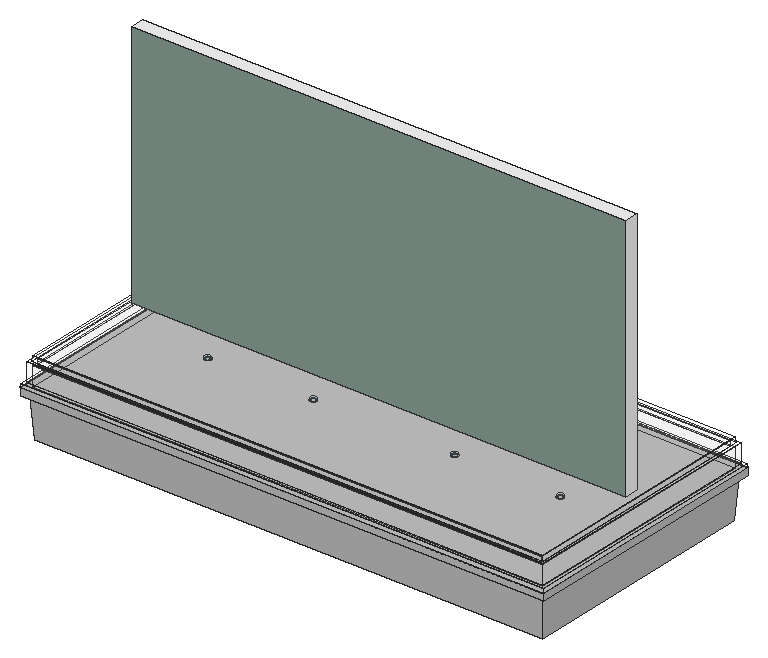
Revit family "SOLID EXIT 2 LED EMERGENCY EXIT LIGHT TWT3151WK", category Lighting Fixtures, host Face, Revit 2015
Parameters (values of type "-arrow down")
  Width = 371 mm  # constant formula
  Up = no
  Type Comments = "PBV31302E3"
  Right = no
  Product Code = "TWT3151WK"  # constant formula
  Model = "Solid Exit 2"  # constant formula
  Material = Plastic
  Manufacturer = "Teknoware Oy"  # constant formula
  Left = no
  Height = 232 mm  # constant formula
  Front Pictogram = Teknoware Pictogram PBV31302E3
  Down = yes
  Depth = 181 mm  # constant formula
  Default Elevation = 1219.2 mm
  Color = RAL9003
  Back Pictogram = Teknoware Pictogram PBV31302E3
Types (4, lengths in mm): name | Up | Type Comments | Right | Left | Front Pictogram | Down | Back Pictogram
  -arrow down | no | "PBV31302E3" | no | no | Teknoware Pictogram PBV31302E3 | yes | Teknoware Pictogram PBV31302E3
  -arrow up | yes | "PBV31305E3" | no | no | Teknoware Pictogram PBV31305E3 | no | Teknoware Pictogram PBV31305E3
  -arrow left | no | "PBV31301E2" | no | yes | Teknoware Pictogram PBV31301E2 | no | Teknoware Pictogram PBV31301E1
  -arrow right | no | "PBV31301E1" | yes | no | Teknoware Pictogram PBV31301E1 | no | Teknoware Pictogram PBV31301E2
Reference planes
  plane 1 "Center (Front/Back)": y = 0
  plane 2 "Bottom": z = 0
  plane 3 "Center (Left/Right)": x = 0
  plane 4 "Left": x = -185.5
  plane 5 "Right": x = 185.5
  plane 6 "Back": y = 90.5
  plane 7 "Front": y = -90.5
  plane 8 "Top": z = 57
  plane 9 "Center (Elevation)": z = 28.5
  plane 10: z = 36.691
  plane 11: z = 232
  plane 12: y = -160.5
Dimensions and locks
  equal spacing: plane 4 "Left", plane 3 "Center (Left/Right)", plane 5 "Right"
  equal spacing: plane 6 "Back", plane 1 "Center (Front/Back)", plane 7 "Front"
  "Width": plane 4 "Left" to plane 5 "Right"
  "Depth": plane 6 "Back" to plane 7 "Front"
  equal spacing: plane 8 "Top", plane 9 "Center (Elevation)", plane 2 "Bottom"
  locked: plane 8 "Top" to plane 2 "Bottom" at 57
  locked: plane 8 "Top" to plane 10 at 20.309
  nested 6 to nested 3 to plane 3 "Center (Left/Right)" to nested 4 to nested 5 = 75 mm locked, 50 mm locked, 50 mm locked, 75 mm locked
  "Height": plane 11 to level
  locked: plane 7 "Front" to plane 12 at 70
  aligned and locked: plane 2 "Bottom" to host face
  aligned and locked: level to host face
  aligned and locked: plane 3 "Center (Left/Right)" to nested 1
  aligned and locked: plane 1 "Center (Front/Back)" to nested 1
  aligned and locked: plane 8 "Top" to nested 1
  aligned and locked: plane 3 "Center (Left/Right)" to nested 2
  aligned and locked: plane 1 "Center (Front/Back)" to nested 2
  aligned and locked: plane 1 "Center (Front/Back)" to nested 7
  aligned and locked: plane 3 "Center (Left/Right)" to nested 7
  aligned and locked: plane 11 to nested 7
  aligned and locked: plane 12 to nested 11
  aligned and locked: nested 10 to plane 12
  aligned and locked: nested 8 to plane 12
  aligned and locked: plane 3 "Center (Left/Right)" to nested 9
  aligned and locked: nested 9 to plane 12
  aligned and locked: plane 3 "Center (Left/Right)" to nested 10
  aligned and locked: plane 3 "Center (Left/Right)" to nested 11
  aligned and locked: plane 3 "Center (Left/Right)" to nested 8
Automatic sketch dimensions
  host sketch curve to host sketch curve = 2438.4 mm  (x2)
Nested families
  nested 1: "Solid Safe kupu" at (414.5, 209.5, 0), type "Solid Safe kupu"
  nested 2: "Solid Safe runko" at (414.5, 209.5, 0), type "Solid Safe runko"
  nested 3: "LED" at (-50, 0, -1363.309), type "LED"
  nested 4: "LED" at (50, 0, -1363.309), type "LED"
  nested 5: "LED" at (125, 0, -1363.309), type "LED"
  nested 6: "LED" at (-125, 0, -1363.309), type "LED"
  nested 7: "PICTOGRAM TWT3151WK" at (491, 280, 57), type "PICTOGRAM TWT3151WK"
  nested 8: "2D nuoli alas" at (0, -160.5, 0), visible <- "Down", type "2D nuoli alas"
  nested 9: "2D nuoli ylös" at (0, -160.5, 0), visible <- "Up", type "2D nuoli ylös"
  nested 10: "2D nuoli sivulle" at (0, -160.5, 0), visible <- "Right", type "2D nuoli sivulle"
  nested 11: "2D nuoli sivulle" at (0, -160.5, 0) x (-1, 0, 0) z (0, 0, 1), visible <- "Left", type "2D nuoli sivulle"
Definition of nested family "Solid Safe kupu"
  Parameters (values of type "Solid Safe kupu")
    Width = 371 mm  # constant formula
    Depth = 181 mm  # constant formula
    Height = 57 mm  # constant formula
    Default Elevation = 1219.2 mm
    Color = none
    Body Material = none
  Reference planes
    plane 1 "Center (Front/Back)": y = -209.5
    plane 2 "Bottom": z = 0
    plane 3 "Center (Left/Right)": x = -414.5
    plane 4 "Left": x = -600
    plane 5 "Right": x = -229
    plane 6 "Front": y = -300
    plane 7 "Back": y = -119
    plane 8 "Top": z = 57
    plane 9 "Center (Elevation)": z = 28.5
  Forms (mm)
    Sweep 1, solid
      path origin (0, 0, 57) x (0, -1, 0) y (1, 0, 0)
        loop
          line (119, -600) -> (300, -600) -> (300, -229) -> (119, -229) -> (119, -600)
      profile origin (-600, -209.5, 57) x (-1, 0, 0) y (0, 0, 1)
        loop
          line (0, -20.309) -> (0, -17.275) -> (-2.466, -17.275) -> (-2.466, -3.774) -> (-4.422, -3.774) -> (-4.752, 0) -> (-7.262, 0) -> (-6.713, -6.274) -> (-4.966, -6.274) -> (-4.966, -20.309) -> (0, -20.309)
    Extrusion 2, solid
      sketch origin (0, -209.5, 57) x (1, 0, 0) y (0, 0, 1)
        loop
          line (-592.738, 0) -> (-592.957, -2.5) -> (-236.043, -2.5) -> (-236.262, 0) -> (-592.738, 0)
      from -85.534 to 85.534
  Cuts and joins
    joined: Sweep 1, Extrusion 2
  Dimensions and locks
    equal spacing: plane 4 "Left", plane 3 "Center (Left/Right)", plane 5 "Right"
    equal spacing: plane 7 "Back", plane 1 "Center (Front/Back)", plane 6 "Front"
    equal spacing: plane 8 "Top", plane 9 "Center (Elevation)", plane 2 "Bottom"
    "Height": plane 8 "Top" to plane 2 "Bottom"
    "Width": plane 4 "Left" to plane 5 "Right"
    "Depth": plane 7 "Back" to plane 6 "Front"
    aligned and locked: level to plane 2 "Bottom"
  Automatic sketch dimensions
    Sweep 1 sketch curve to plane 5 "Right" = 0 mm
    Sweep 1 sketch curve to plane 7 "Back" = 0 mm
    Sweep 1 sketch curve to plane 4 "Left" = 0 mm
    Sweep 1 sketch curve to plane 6 "Front" = 0 mm
    Sweep 1 sketch curve to profile plane = 0 mm  (x2)
    profile plane to Sweep 1 sketch curve = 2.466 mm
    Sweep 1 sketch curve to Sweep 1 sketch curve = 1.956 mm
    Sweep 1 sketch curve to Sweep 1 sketch curve = 0.33 mm
    Sweep 1 sketch curve to Sweep 1 sketch curve = 2.5 mm  (x2)
    Sweep 1 sketch curve to Sweep 1 sketch curve = 1.746 mm
    Sweep 1 sketch curve to Sweep 1 sketch curve = 2.51 mm
    Sweep 1 sketch curve to profile plane = 3.774 mm
    Sweep 1 sketch curve to Sweep 1 sketch curve = 11.001 mm
    Sweep 1 sketch curve to Sweep 1 sketch curve = 3.033 mm
    Extrusion 2 sketch curve to plane 8 "Top" = 0 mm
    Extrusion 2 sketch curve to plane 8 "Top" = 2.5 mm
    plane 4 "Left" to Extrusion 2 sketch curve = 7.043 mm
    Extrusion 2 sketch curve to Extrusion 2 sketch curve = 0.219 mm  (x2)
    Extrusion 2 sketch curve to plane 5 "Right" = 7.262 mm
Definition of nested family "Solid Safe runko"
  Parameters (values of type "Solid Safe runko")
    Width = 371 mm  # constant formula
    Depth = 181 mm  # constant formula
    Height = 57 mm  # constant formula
    Default Elevation = 1219.2 mm
    Color = none
    Body Material = none
  Reference planes
    plane 1 "Center (Front/Back)": y = -209.5
    plane 2 "Bottom": z = 0
    plane 3 "Center (Left/Right)": x = -414.5
    plane 4 "Left": x = -600
    plane 5 "Right": x = -229
    plane 6 "Front": y = -300
    plane 7 "Back": y = -119
    plane 8 "Top": z = 57
    plane 9 "Center (Elevation)": z = 28.5
  Forms (mm)
    Extrusion 1, solid, material <- "Body Material"
      sketch origin (-234.616, -209.5, 3.654) x (0, 1, 0) y (1, 0, 0)
        loop
          line (78.884, -354.767) -> (78.884, -5) -> (-78.884, -5) -> (-78.884, -354.767) -> (78.884, -354.767)
      from 0 to 3.654
    Extrusion 2, void
      sketch origin (-414.5, 0, 57) x (0, 1, 0) y (0, 0, 1)
        loop
          line (-124.872, -57) -> (-119, -57) -> (-119, -25.083) -> (-122.64, -25.083) -> (-124.872, -57)
        loop
          line (-296.36, -25.083) -> (-300, -25.083) -> (-300, -57) -> (-294.128, -57) -> (-296.36, -25.083)
      from -185.5 to 185.5
    Extrusion 3, solid, material <- "Body Material"
      sketch origin (0, -209.5, 57) x (1, 0, 0) y (0, 0, 1)
        loop
          line (-594.384, -53.346) -> (-234.616, -53.346) -> (-232.64, -25.083) -> (-229, -25.083) -> (-229, -20.309) -> (-600, -20.309) -> (-600, -25.083) -> (-596.36, -25.083) -> (-594.384, -53.346)
      from -90.5 to 90.5
  Cuts and joins
    Extrusion 2 cuts Extrusion 3
    joined: Extrusion 1, Extrusion 3
  Dimensions and locks
    equal spacing: plane 4 "Left", plane 3 "Center (Left/Right)", plane 5 "Right"
    equal spacing: plane 7 "Back", plane 1 "Center (Front/Back)", plane 6 "Front"
    equal spacing: plane 8 "Top", plane 9 "Center (Elevation)", plane 2 "Bottom"
    "Height": plane 8 "Top" to plane 2 "Bottom"
    "Width": plane 4 "Left" to plane 5 "Right"
    "Depth": plane 7 "Back" to plane 6 "Front"
    aligned and locked: level to plane 2 "Bottom"
    aligned and locked: Extrusion 1 to level
  Automatic sketch dimensions
    Extrusion 2 sketch curve to level = 0 mm  (x2)
    Extrusion 2 sketch curve to plane 6 "Front" = 0 mm
    Extrusion 2 sketch curve to plane 7 "Back" = 0 mm
    plane 6 "Front" to Extrusion 2 sketch curve = 3.64 mm
    plane 6 "Front" to Extrusion 2 sketch curve = 5.872 mm
    Extrusion 2 sketch curve to Extrusion 2 sketch curve = 5.872 mm
    Extrusion 2 sketch curve to Extrusion 2 sketch curve = 3.64 mm
    plane 9 "Center (Elevation)" to Extrusion 2 sketch curve = 3.417 mm  (x2)
    Extrusion 3 sketch curve to plane 4 "Left" = 0 mm
    Extrusion 3 sketch curve to plane 5 "Right" = 0 mm
    plane 4 "Left" to Extrusion 3 sketch curve = 3.64 mm
    plane 4 "Left" to Extrusion 3 sketch curve = 5.616 mm
    Extrusion 3 sketch curve to plane 5 "Right" = 5.616 mm
    Extrusion 3 sketch curve to plane 5 "Right" = 3.64 mm
    level to Extrusion 3 sketch curve = 3.654 mm
    plane 9 "Center (Elevation)" to Extrusion 3 sketch curve = 3.417 mm  (x2)
    Extrusion 3 sketch curve to Extrusion 3 sketch curve = 4.774 mm
    Extrusion 1 sketch curve to Extrusion 3 = 5 mm
    Extrusion 1 sketch curve to Extrusion 3 = 11.616 mm  (x2)
    Extrusion 3 to Extrusion 1 sketch curve = 5 mm
Definition of nested family "LED"
  Parameters (values of type "LED")
    Wattage = 1.34642 W
    built-in parameter 1150110 = 1 (stored number, unit not read)
    Up [instance] = yes
    built-in parameter 1114217 = 1 (stored number, unit not read)
    built-in parameter 1150109 = 1 (stored number, unit not read)
    built-in parameter 1150134 = (empty or 0)
    built-in parameter 1150113 = 1 (stored number, unit not read)
    Lumens = 200 lm
    built-in parameter 1150115 = 1 (stored number, unit not read)
    built-in parameter 1150105 = 15.915 (stored number, unit not read)
    Light Source Symbol Size = 609.6 mm
    built-in parameter 1150137 = (empty or 0)
    built-in parameter 1150139 = (empty or 0)
    built-in parameter 1150112 = 1 (stored number, unit not read)
    built-in parameter 1150114 = 1 (stored number, unit not read)
    built-in parameter 1150132 = 2
    built-in parameter 1150102 = (empty or 0)
    built-in parameter 1150138 = (empty or 0)
    built-in parameter 1150107 = 3000 (stored number, unit not read)
    built-in parameter 1150106 = 0.15915 (stored number, unit not read)
    built-in parameter 1150104 = 13.8 (stored number, unit not read)
    Down [instance] = yes
    Dimming Lamp Color Temperature Shift = (empty or 0)
    Color Filter = 16777215
    built-in parameter 1114218 = 1 (stored number, unit not read)
    built-in parameter 1150133 = 10 (stored number, unit not read)
  Reference planes
    plane 1 "Light Source Axis (F/B)": y = 0
    plane 2: z = 0
    plane 3 "Light Source Axis (L/R)": x = 0
    plane 4 "Light Source Elevation": z = 1400
  Forms (mm)
    Revolve 1, solid, visible <- "Up"
      sketch origin (0, 0, 1400) x (0, 1, 0) y (0, 0, 1)
        loop
          line (-2.5, 0) -> (-1.5, 0)
          arc (-1.5, 0) -> (0, 1.5) -> (1.5, 0) r 1.5
          line (1.5, 0) -> (2.5, 0)
          arc (2.5, 0) -> (0, 2.5) -> (-2.5, 0) r 2.5
        axis (2.5, 0) -> (-2.5, 0)
      angle from -90 to 90
    Revolve 2, solid, visible <- "Down"
      sketch origin (0, 0, 1400) x (0, 1, 0) y (0, 0, 1)
        loop
          arc (-2.5, 0) -> (0, -2.5) -> (2.5, 0) r 2.5
          line (2.5, 0) -> (1.5, 0)
          arc (1.5, 0) -> (0, -1.5) -> (-1.5, 0) r 1.5
          line (-1.5, 0) -> (-2.5, 0)
        axis (2.5, 0) -> (-2.5, 0)
      angle from -90 to 90
  Dimensions and locks
    aligned and locked: plane 3 "Light Source Axis (L/R)" to imposter light
    aligned and locked: plane 1 "Light Source Axis (F/B)" to imposter light
    aligned and locked: plane 4 "Light Source Elevation" to imposter light
    aligned and locked: plane 2 to level
Definition of nested family "PICTOGRAM TWT3151WK"
  Parameters (values of type "PICTOGRAM TWT3151WK")
    URL = ""
    Type Image = (empty or 0)
    Manufacturer = ""
    Front Pictogram = none
    Description = ""
    Back Pictogram = none
  Reference planes
    plane 1 "Center (Front/Back)": y = -280
    plane 2 "Ref1": z = 0
    plane 3 "Center (Left/Right)": x = -491
    plane 4: z = 175
    plane 5: z = 87.5
    plane 6: x = -666
    plane 7: x = -316
  Forms (mm)
    Extrusion 1, solid
      sketch origin (-491, 0, 0) x (0, 1, 0) y (0, 0, 1)
        loop
          line (-275, 175) -> (-285, 175) -> (-285, 0) -> (-275, 0) -> (-275, 175)
      from -175 to 175
  Dimensions and locks
    equal spacing: plane 4, plane 5, plane 2 "Ref1"
    locked: plane 4 to plane 2 "Ref1" at 175
    locked: plane 7 to plane 6 at 350
    equal spacing: plane 7, plane 3 "Center (Left/Right)", plane 6
    aligned and locked: level to plane 2 "Ref1"
    aligned and locked: plane 4 to Extrusion 1
    aligned and locked: Extrusion 1 to plane 7
    aligned and locked: Extrusion 1 to plane 6
  Automatic sketch dimensions
    Extrusion 1 sketch curve to level = 0 mm
    plane 1 "Center (Front/Back)" to Extrusion 1 sketch curve = 5 mm
    Extrusion 1 sketch curve to plane 1 "Center (Front/Back)" = 5 mm
    Extrusion 1 sketch curve to Extrusion 1 sketch curve = 175 mm
Definition of nested family "2D nuoli alas"
  Reference planes
    plane 1 "Center (Front/Back)": y = 0
    plane 2: z = 0
    plane 3 "Center (Left/Right)": x = 0
  Lines and regions (mm)
    Filled region 1, type "Green Filled", in view "Ref. Level"
      outline origin (0, 0, 0) x (1, 0, 0) y (0, 1, 0)
        loop
          line (-99.857, 0) -> (-99.857, -100) -> (99.857, -100) -> (99.857, 0) -> (-99.857, 0)
        loop
          arc (-31.923, -44.203) -> (-32.287, -44.046) -> (-32.607, -44.281) r 0.4
          line (-32.607, -44.281) -> (-36.639, -53.338)
          arc (-36.639, -53.338) -> (-36.724, -53.76) -> (-36.624, -54.178) r 0.994
          line (-36.624, -54.178) -> (-21.817, -84.536) -> (-27.712, -84.536)
          arc (-27.712, -84.536) -> (-30.096, -83.87) -> (-31.791, -82.065) r 4.603
          line (-31.791, -82.065) -> (-43.712, -59.255)
          arc (-43.712, -59.255) -> (-44.051, -59.09) -> (-44.307, -59.368) r 0.316
          line (-44.307, -59.368) -> (-45.505, -70.534)
          arc (-45.505, -70.534) -> (-46.482, -73.238) -> (-49.121, -74.379) r 3.623
          line (-49.121, -74.379) -> (-74.77, -74.379)
          arc (-74.77, -74.379) -> (-72.239, -69.16) -> (-66.837, -67.046) r 7.958
          line (-66.837, -67.046) -> (-53.724, -67.046)
          arc (-53.724, -67.046) -> (-53.159, -66.823) -> (-52.898, -66.276) r 0.827
          line (-52.898, -66.276) -> (-52.102, -54.815)
          arc (-52.102, -54.815) -> (-51.859, -52.833) -> (-51.41, -50.887) r 19.079
          line (-51.41, -50.887) -> (-45.738, -39.258) -> (-51.391, -39.258)
          arc (-51.391, -39.258) -> (-52.105, -39.447) -> (-52.63, -39.965) r 1.439
          line (-52.63, -39.965) -> (-57.784, -48.688)
          arc (-57.784, -48.688) -> (-61.673, -49.25) -> (-63.056, -45.573) r 3.135
          line (-63.056, -45.573) -> (-57.765, -36.409)
          arc (-57.765, -36.409) -> (-55.741, -34.384) -> (-52.975, -33.643) r 5.532
          line (-52.975, -33.643) -> (-35.016, -33.643)
          arc (-35.016, -33.643) -> (-32.468, -34.219) -> (-30.417, -35.836) r 5.918
          line (-30.417, -35.836) -> (-23.238, -44.702) -> (-14.74, -44.702) -> (-14.74, -12.003) -> (-66.843, -12.003) -> (-66.843, -65.836)
          arc (-66.843, -65.836) -> (-73.933, -68.773) -> (-76.87, -75.863) r 10.027
          line (-76.87, -75.863) -> (-66.891, -75.863) -> (-66.891, -87.015) -> (-71.979, -92.103) -> (-37.454, -92.103) -> (-31.927, -86.949)
          arc (-31.927, -86.949) -> (-30.718, -86.187) -> (-29.314, -85.92) r 3.832
          line (-29.314, -85.92) -> (-23.096, -85.92) -> (-29.279, -92.103) -> (-19.444, -92.103) -> (-14.74, -87.399) -> (-14.74, -50.784) -> (-24.352, -50.784)
          arc (-24.352, -50.784) -> (-26.689, -50.233) -> (-28.536, -48.697) r 5.239
          line (-28.536, -48.697) -> (-31.923, -44.203)
        loop
          circle (-33.592, -25.92) r 6.244
        loop
          line (55.302, -17.585) -> (39, -17.585) -> (39, -50.086) -> (19.258, -30.343) -> (19.258, -51.429) -> (47.151, -82.408) -> (75.045, -51.429) -> (75.045, -30.343) -> (55.302, -50.086) -> (55.302, -17.585)
    Filled region 2, type "White Fill", in view "Ref. Level"
      outline origin (0, 0, 0) x (1, 0, 0) y (0, 1, 0)
        loop
          arc (-57.765, -36.409) -> (-55.741, -34.384) -> (-52.975, -33.643) r 5.532
          line (-52.975, -33.643) -> (-35.016, -33.643)
          arc (-35.016, -33.643) -> (-32.468, -34.219) -> (-30.417, -35.836) r 5.918
          line (-30.417, -35.836) -> (-23.238, -44.702) -> (-14.74, -44.702) -> (-14.74, -12.003) -> (-66.843, -12.003) -> (-66.843, -65.836)
          arc (-66.843, -65.836) -> (-73.933, -68.773) -> (-76.87, -75.863) r 10.027
          line (-76.87, -75.863) -> (-66.891, -75.863) -> (-66.891, -87.015) -> (-71.979, -92.103) -> (-37.454, -92.103) -> (-31.927, -86.949)
          arc (-31.927, -86.949) -> (-30.718, -86.187) -> (-29.314, -85.92) r 3.832
          line (-29.314, -85.92) -> (-23.096, -85.92) -> (-29.279, -92.103) -> (-19.444, -92.103) -> (-14.74, -87.399) -> (-14.74, -50.784) -> (-24.352, -50.784)
          arc (-24.352, -50.784) -> (-26.689, -50.233) -> (-28.536, -48.697) r 5.239
          line (-28.536, -48.697) -> (-31.923, -44.203)
          arc (-31.923, -44.203) -> (-32.287, -44.046) -> (-32.607, -44.281) r 0.4
          line (-32.607, -44.281) -> (-36.639, -53.338)
          arc (-36.639, -53.338) -> (-36.724, -53.76) -> (-36.624, -54.178) r 0.994
          line (-36.624, -54.178) -> (-21.817, -84.536) -> (-27.712, -84.536)
          arc (-27.712, -84.536) -> (-30.096, -83.87) -> (-31.791, -82.065) r 4.603
          line (-31.791, -82.065) -> (-43.712, -59.255)
          arc (-43.712, -59.255) -> (-44.051, -59.09) -> (-44.307, -59.368) r 0.316
          line (-44.307, -59.368) -> (-45.505, -70.534)
          arc (-45.505, -70.534) -> (-46.482, -73.238) -> (-49.121, -74.379) r 3.623
          line (-49.121, -74.379) -> (-74.77, -74.379)
          arc (-74.77, -74.379) -> (-72.239, -69.16) -> (-66.837, -67.046) r 7.958
          line (-66.837, -67.046) -> (-53.724, -67.046)
          arc (-53.724, -67.046) -> (-53.159, -66.823) -> (-52.898, -66.276) r 0.827
          line (-52.898, -66.276) -> (-52.102, -54.815)
          arc (-52.102, -54.815) -> (-51.859, -52.833) -> (-51.41, -50.887) r 19.079
          line (-51.41, -50.887) -> (-45.738, -39.258) -> (-51.391, -39.258)
          arc (-51.391, -39.258) -> (-52.105, -39.447) -> (-52.63, -39.965) r 1.439
          line (-52.63, -39.965) -> (-57.784, -48.688)
          arc (-57.784, -48.688) -> (-61.673, -49.25) -> (-63.056, -45.573) r 3.135
          line (-63.056, -45.573) -> (-57.765, -36.409)
        loop
          circle (-33.592, -25.92) r 6.244
        loop
          line (55.302, -50.086) -> (55.302, -17.585) -> (39, -17.585) -> (39, -50.086) -> (19.258, -30.343) -> (19.258, -51.429) -> (47.151, -82.408) -> (75.045, -51.429) -> (75.045, -30.343) -> (55.302, -50.086)
Definition of nested family "2D nuoli ylös"
  Reference planes
    plane 1 "Center (Front/Back)": y = 0
    plane 2: z = 0
    plane 3 "Center (Left/Right)": x = 0
  Lines and regions (mm)
    Filled region 1, type "Green Filled", in view "Ref. Level"
      outline origin (0, 0, 0) x (1, 0, 0) y (0, 1, 0)
        loop
          line (-99.857, 0) -> (-99.857, -100) -> (99.857, -100) -> (99.857, 0) -> (-99.857, 0)
        loop
          arc (-31.923, -44.203) -> (-32.287, -44.046) -> (-32.607, -44.281) r 0.4
          line (-32.607, -44.281) -> (-36.639, -53.338)
          arc (-36.639, -53.338) -> (-36.724, -53.76) -> (-36.624, -54.178) r 0.994
          line (-36.624, -54.178) -> (-21.817, -84.536) -> (-27.712, -84.536)
          arc (-27.712, -84.536) -> (-30.096, -83.87) -> (-31.791, -82.065) r 4.603
          line (-31.791, -82.065) -> (-43.712, -59.255)
          arc (-43.712, -59.255) -> (-44.051, -59.09) -> (-44.307, -59.368) r 0.316
          line (-44.307, -59.368) -> (-45.505, -70.534)
          arc (-45.505, -70.534) -> (-46.482, -73.238) -> (-49.121, -74.379) r 3.623
          line (-49.121, -74.379) -> (-74.77, -74.379)
          arc (-74.77, -74.379) -> (-72.239, -69.16) -> (-66.837, -67.046) r 7.958
          line (-66.837, -67.046) -> (-53.724, -67.046)
          arc (-53.724, -67.046) -> (-53.159, -66.823) -> (-52.898, -66.276) r 0.827
          line (-52.898, -66.276) -> (-52.102, -54.815)
          arc (-52.102, -54.815) -> (-51.859, -52.833) -> (-51.41, -50.887) r 19.079
          line (-51.41, -50.887) -> (-45.738, -39.258) -> (-51.391, -39.258)
          arc (-51.391, -39.258) -> (-52.105, -39.447) -> (-52.63, -39.965) r 1.439
          line (-52.63, -39.965) -> (-57.784, -48.688)
          arc (-57.784, -48.688) -> (-61.673, -49.25) -> (-63.056, -45.573) r 3.135
          line (-63.056, -45.573) -> (-57.765, -36.409)
          arc (-57.765, -36.409) -> (-55.741, -34.384) -> (-52.975, -33.643) r 5.532
          line (-52.975, -33.643) -> (-35.016, -33.643)
          arc (-35.016, -33.643) -> (-32.468, -34.219) -> (-30.417, -35.836) r 5.918
          line (-30.417, -35.836) -> (-23.238, -44.702) -> (-14.74, -44.702) -> (-14.74, -12.003) -> (-66.843, -12.003) -> (-66.843, -65.836)
          arc (-66.843, -65.836) -> (-73.933, -68.773) -> (-76.87, -75.863) r 10.027
          line (-76.87, -75.863) -> (-66.891, -75.863) -> (-66.891, -87.015) -> (-71.979, -92.103) -> (-37.454, -92.103) -> (-31.927, -86.949)
          arc (-31.927, -86.949) -> (-30.718, -86.187) -> (-29.314, -85.92) r 3.832
          line (-29.314, -85.92) -> (-23.096, -85.92) -> (-29.279, -92.103) -> (-19.444, -92.103) -> (-14.74, -87.399) -> (-14.74, -50.784) -> (-24.352, -50.784)
          arc (-24.352, -50.784) -> (-26.689, -50.233) -> (-28.536, -48.697) r 5.239
          line (-28.536, -48.697) -> (-31.923, -44.203)
        loop
          circle (-33.592, -25.92) r 6.244
        loop
          line (39, -82.408) -> (55.302, -82.408) -> (55.302, -49.907) -> (75.045, -69.65) -> (75.045, -48.564) -> (47.151, -17.585) -> (19.258, -48.564) -> (19.258, -69.65) -> (39, -49.907) -> (39, -82.408)
    Filled region 2, type "White Fill", in view "Ref. Level"
      outline origin (0, 0, 0) x (1, 0, 0) y (0, 1, 0)
        loop
          arc (-57.765, -36.409) -> (-55.741, -34.384) -> (-52.975, -33.643) r 5.532
          line (-52.975, -33.643) -> (-35.016, -33.643)
          arc (-35.016, -33.643) -> (-32.468, -34.219) -> (-30.417, -35.836) r 5.918
          line (-30.417, -35.836) -> (-23.238, -44.702) -> (-14.74, -44.702) -> (-14.74, -12.003) -> (-66.843, -12.003) -> (-66.843, -65.836)
          arc (-66.843, -65.836) -> (-73.933, -68.773) -> (-76.87, -75.863) r 10.027
          line (-76.87, -75.863) -> (-66.891, -75.863) -> (-66.891, -87.015) -> (-71.979, -92.103) -> (-37.454, -92.103) -> (-31.927, -86.949)
          arc (-31.927, -86.949) -> (-30.718, -86.187) -> (-29.314, -85.92) r 3.832
          line (-29.314, -85.92) -> (-23.096, -85.92) -> (-29.279, -92.103) -> (-19.444, -92.103) -> (-14.74, -87.399) -> (-14.74, -50.784) -> (-24.352, -50.784)
          arc (-24.352, -50.784) -> (-26.689, -50.233) -> (-28.536, -48.697) r 5.239
          line (-28.536, -48.697) -> (-31.923, -44.203)
          arc (-31.923, -44.203) -> (-32.287, -44.046) -> (-32.607, -44.281) r 0.4
          line (-32.607, -44.281) -> (-36.639, -53.338)
          arc (-36.639, -53.338) -> (-36.724, -53.76) -> (-36.624, -54.178) r 0.994
          line (-36.624, -54.178) -> (-21.817, -84.536) -> (-27.712, -84.536)
          arc (-27.712, -84.536) -> (-30.096, -83.87) -> (-31.791, -82.065) r 4.603
          line (-31.791, -82.065) -> (-43.712, -59.255)
          arc (-43.712, -59.255) -> (-44.051, -59.09) -> (-44.307, -59.368) r 0.316
          line (-44.307, -59.368) -> (-45.505, -70.534)
          arc (-45.505, -70.534) -> (-46.482, -73.238) -> (-49.121, -74.379) r 3.623
          line (-49.121, -74.379) -> (-74.77, -74.379)
          arc (-74.77, -74.379) -> (-72.239, -69.16) -> (-66.837, -67.046) r 7.958
          line (-66.837, -67.046) -> (-53.724, -67.046)
          arc (-53.724, -67.046) -> (-53.159, -66.823) -> (-52.898, -66.276) r 0.827
          line (-52.898, -66.276) -> (-52.102, -54.815)
          arc (-52.102, -54.815) -> (-51.859, -52.833) -> (-51.41, -50.887) r 19.079
          line (-51.41, -50.887) -> (-45.738, -39.258) -> (-51.391, -39.258)
          arc (-51.391, -39.258) -> (-52.105, -39.447) -> (-52.63, -39.965) r 1.439
          line (-52.63, -39.965) -> (-57.784, -48.688)
          arc (-57.784, -48.688) -> (-61.673, -49.25) -> (-63.056, -45.573) r 3.135
          line (-63.056, -45.573) -> (-57.765, -36.409)
        loop
          circle (-33.592, -25.92) r 6.244
        loop
          line (39, -49.907) -> (39, -82.408) -> (55.302, -82.408) -> (55.302, -49.907) -> (75.045, -69.65) -> (75.045, -48.564) -> (47.151, -17.585) -> (19.258, -48.564) -> (19.258, -69.65) -> (39, -49.907)
Definition of nested family "2D nuoli sivulle"
  Reference planes
    plane 1 "Center (Front/Back)": y = 0
    plane 2: z = 0
    plane 3 "Center (Left/Right)": x = 0
  Lines and regions (mm)
    Filled region 1, type "Green Filled", in view "Ref. Level"
      outline origin (0, 0, 0) x (1, 0, 0) y (0, 1, 0)
        loop
          line (-99.857, 0) -> (-99.857, -100) -> (99.857, -100) -> (99.857, 0) -> (-99.857, 0)
        loop
          arc (-31.923, -44.203) -> (-32.287, -44.046) -> (-32.607, -44.281) r 0.4
          line (-32.607, -44.281) -> (-36.639, -53.338)
          arc (-36.639, -53.338) -> (-36.724, -53.76) -> (-36.624, -54.178) r 0.994
          line (-36.624, -54.178) -> (-21.817, -84.536) -> (-27.712, -84.536)
          arc (-27.712, -84.536) -> (-30.096, -83.87) -> (-31.791, -82.065) r 4.603
          line (-31.791, -82.065) -> (-43.712, -59.255)
          arc (-43.712, -59.255) -> (-44.051, -59.09) -> (-44.307, -59.368) r 0.316
          line (-44.307, -59.368) -> (-45.505, -70.534)
          arc (-45.505, -70.534) -> (-46.482, -73.238) -> (-49.121, -74.379) r 3.623
          line (-49.121, -74.379) -> (-74.77, -74.379)
          arc (-74.77, -74.379) -> (-72.239, -69.16) -> (-66.837, -67.046) r 7.958
          line (-66.837, -67.046) -> (-53.724, -67.046)
          arc (-53.724, -67.046) -> (-53.159, -66.823) -> (-52.898, -66.276) r 0.827
          line (-52.898, -66.276) -> (-52.102, -54.815)
          arc (-52.102, -54.815) -> (-51.859, -52.833) -> (-51.41, -50.887) r 19.079
          line (-51.41, -50.887) -> (-45.738, -39.258) -> (-51.391, -39.258)
          arc (-51.391, -39.258) -> (-52.105, -39.447) -> (-52.63, -39.965) r 1.439
          line (-52.63, -39.965) -> (-57.784, -48.688)
          arc (-57.784, -48.688) -> (-61.673, -49.25) -> (-63.056, -45.573) r 3.135
          line (-63.056, -45.573) -> (-57.765, -36.409)
          arc (-57.765, -36.409) -> (-55.741, -34.384) -> (-52.975, -33.643) r 5.532
          line (-52.975, -33.643) -> (-35.016, -33.643)
          arc (-35.016, -33.643) -> (-32.468, -34.219) -> (-30.417, -35.836) r 5.918
          line (-30.417, -35.836) -> (-23.238, -44.702) -> (-14.74, -44.702) -> (-14.74, -12.003) -> (-66.843, -12.003) -> (-66.843, -65.836)
          arc (-66.843, -65.836) -> (-73.933, -68.773) -> (-76.87, -75.863) r 10.027
          line (-76.87, -75.863) -> (-66.891, -75.863) -> (-66.891, -87.015) -> (-71.979, -92.103) -> (-37.454, -92.103) -> (-31.927, -86.949)
          arc (-31.927, -86.949) -> (-30.718, -86.187) -> (-29.314, -85.92) r 3.832
          line (-29.314, -85.92) -> (-23.096, -85.92) -> (-29.279, -92.103) -> (-19.444, -92.103) -> (-14.74, -87.399) -> (-14.74, -50.784) -> (-24.352, -50.784)
          arc (-24.352, -50.784) -> (-26.689, -50.233) -> (-28.536, -48.697) r 5.239
          line (-28.536, -48.697) -> (-31.923, -44.203)
        loop
          circle (-33.592, -25.92) r 6.244
        loop
          line (14.74, -41.845) -> (14.74, -58.147) -> (47.241, -58.147) -> (27.498, -77.89) -> (48.584, -77.89) -> (79.563, -49.996) -> (48.584, -22.103) -> (27.498, -22.103) -> (47.241, -41.845) -> (14.74, -41.845)
    Filled region 2, type "White Fill", in view "Ref. Level"
      outline origin (0, 0, 0) x (1, 0, 0) y (0, 1, 0)
        loop
          arc (-57.765, -36.409) -> (-55.741, -34.384) -> (-52.975, -33.643) r 5.532
          line (-52.975, -33.643) -> (-35.016, -33.643)
          arc (-35.016, -33.643) -> (-32.468, -34.219) -> (-30.417, -35.836) r 5.918
          line (-30.417, -35.836) -> (-23.238, -44.702) -> (-14.74, -44.702) -> (-14.74, -12.003) -> (-66.843, -12.003) -> (-66.843, -65.836)
          arc (-66.843, -65.836) -> (-73.933, -68.773) -> (-76.87, -75.863) r 10.027
          line (-76.87, -75.863) -> (-66.891, -75.863) -> (-66.891, -87.015) -> (-71.979, -92.103) -> (-37.454, -92.103) -> (-31.927, -86.949)
          arc (-31.927, -86.949) -> (-30.718, -86.187) -> (-29.314, -85.92) r 3.832
          line (-29.314, -85.92) -> (-23.096, -85.92) -> (-29.279, -92.103) -> (-19.444, -92.103) -> (-14.74, -87.399) -> (-14.74, -50.784) -> (-24.352, -50.784)
          arc (-24.352, -50.784) -> (-26.689, -50.233) -> (-28.536, -48.697) r 5.239
          line (-28.536, -48.697) -> (-31.923, -44.203)
          arc (-31.923, -44.203) -> (-32.287, -44.046) -> (-32.607, -44.281) r 0.4
          line (-32.607, -44.281) -> (-36.639, -53.338)
          arc (-36.639, -53.338) -> (-36.724, -53.76) -> (-36.624, -54.178) r 0.994
          line (-36.624, -54.178) -> (-21.817, -84.536) -> (-27.712, -84.536)
          arc (-27.712, -84.536) -> (-30.096, -83.87) -> (-31.791, -82.065) r 4.603
          line (-31.791, -82.065) -> (-43.712, -59.255)
          arc (-43.712, -59.255) -> (-44.051, -59.09) -> (-44.307, -59.368) r 0.316
          line (-44.307, -59.368) -> (-45.505, -70.534)
          arc (-45.505, -70.534) -> (-46.482, -73.238) -> (-49.121, -74.379) r 3.623
          line (-49.121, -74.379) -> (-74.77, -74.379)
          arc (-74.77, -74.379) -> (-72.239, -69.16) -> (-66.837, -67.046) r 7.958
          line (-66.837, -67.046) -> (-53.724, -67.046)
          arc (-53.724, -67.046) -> (-53.159, -66.823) -> (-52.898, -66.276) r 0.827
          line (-52.898, -66.276) -> (-52.102, -54.815)
          arc (-52.102, -54.815) -> (-51.859, -52.833) -> (-51.41, -50.887) r 19.079
          line (-51.41, -50.887) -> (-45.738, -39.258) -> (-51.391, -39.258)
          arc (-51.391, -39.258) -> (-52.105, -39.447) -> (-52.63, -39.965) r 1.439
          line (-52.63, -39.965) -> (-57.784, -48.688)
          arc (-57.784, -48.688) -> (-61.673, -49.25) -> (-63.056, -45.573) r 3.135
          line (-63.056, -45.573) -> (-57.765, -36.409)
        loop
          circle (-33.592, -25.92) r 6.244
        loop
          line (47.241, -41.845) -> (14.74, -41.845) -> (14.74, -58.147) -> (47.241, -58.147) -> (27.498, -77.89) -> (48.584, -77.89) -> (79.563, -49.996) -> (48.584, -22.103) -> (27.498, -22.103) -> (47.241, -41.845)
